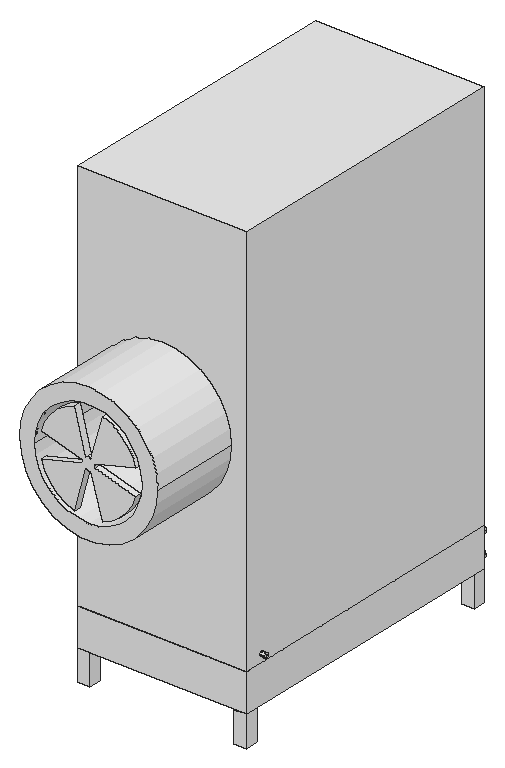
Revit family "MIT SK1015-250 - Cooling Tower ", category Specialty Equipment, Revit 2022
Family settings
  Round Connector Dimension = Use Diameter
  Part Type = Normal
  Work Plane-Based = Yes
  Always vertical = No
  Cut with Voids When Loaded = No
  Maintain Annotation Orientation = No
  Shared = No
  Room Calculation Point = No
Parameters (values of type "MLP 20 - 1.1 kW")
  URL = "https://en.ekinendustriyel.com/cooling-towers"
  Model = "MIT-SK1015 - 250"
  Manufacturer = "Ekin Endüstriyel"
  Keynote = "Cooling Towers"
  Description = "MIT-SK1015 250 - Cooling Towers"
  Default Elevation = 0 mm
Reference planes
  plane 1 "Center (Front/Back)": y = 0
  plane 2: z = 0
  plane 3 "Center (Left/Right)": x = 0
Forms (mm)
  Extrusion 1, solid, material "Ekin Endüstriyel_StainlesSteel", detail levels medium+fine
    sketch origin (0, 0, 0) x (1, 0, 0) y (0, 1, 0)
      loop
        line (-275, 485) -> (-275, -485) -> (275, -485) -> (275, 485) -> (-275, 485)
    from 225 to 1510
  Extrusion 2, solid, material "Ekin Endüstriyel_StainlesSteel", detail levels medium+fine
    sketch origin (0, 0, 0) x (1, 0, 0) y (0, 1, 0)
      loop
        line (-275, 485) -> (-275, -485) -> (275, -485) -> (275, 485) -> (-275, 485)
    from 100 to 225
  Extrusion 3, solid, material "Ekin Endüstriyel_StainlesSteel", detail levels coarse
    sketch origin (0, 0, 0) x (1, 0, 0) y (0, 1, 0)
      loop
        line (-275, 485) -> (-275, -485) -> (275, -485) -> (275, 485) -> (-275, 485)
    from 0 to 1510
  Extrusion 4, solid, material "Ekin Endüstriyel_StainlesSteel", detail levels coarse
    sketch origin (275, -485, 240) x (-1, 0, 0) y (0, 0, -1)
      loop
        circle (275, -627.5) r 225
    from 0 to 300
  Extrusion 5, solid, material "Ekin Endüstriyel_StainlesSteel", detail levels medium+fine
    sketch origin (275, -485, 240) x (-1, 0, 0) y (0, 0, -1)
      loop
        circle (275, -627.5) r 225
      loop
        circle (275, -627.5) r 175
    from 0 to 300
  Extrusion 6, solid, material "Ekin Endüstriyel_StainlesSteel", detail levels medium+fine
    sketch origin (-275, 485, 0) x (1, 0, 0) y (0, 0, -1)
      loop
        circle (275, -1467.961) r 17.145
      loop
        circle (275, -127.039) r 17.145
      loop
        circle (520, -127.039) r 19.05
      loop
        circle (520, -127.039) r 17.05
      loop
        circle (275, -127.039) r 15.145
      loop
        circle (275, -1467.961) r 15.145
      loop
        circle (520, -197.961) r 19.05
      loop
        circle (520, -197.961) r 17.05
    from 0 to 20
  Extrusion 7, solid, material "Ekin Endüstriyel_StainlesSteel", detail levels medium+fine
    sketch origin (275, 635, 0) x (0, -1, 0) y (0, 0, -1)
      loop
        circle (1062.805, -253.187) r 6.35
      loop
        circle (1062.805, -253.187) r 4.35
    from 0 to 20
  Extrusion 8, solid, material "Ekin Endüstriyel_StainlesSteel", detail levels coarse
    sketch origin (275, 635, 0) x (0, -1, 0) y (0, 0, -1)
      loop
        circle (1062.805, -253.187) r 6.35
    from 0 to 20
  Extrusion 9, solid, material "Ekin Endüstriyel_StainlesSteel", detail levels coarse
    sketch origin (-275, 485, 0) x (1, 0, 0) y (0, 0, -1)
      loop
        circle (275, -1467.961) r 17.145
      loop
        circle (275, -127.039) r 17.145
      loop
        circle (520, -127.039) r 19.05
      loop
        circle (520, -197.961) r 19.05
    from 0 to 20
  Extrusion 10, solid, material "Ekin Endüstriyel_StainlesSteel", detail levels medium+fine
    sketch origin (0, 0, 0) x (1, 0, 0) y (0, 1, 0)
      loop
        line (-275, 485) -> (-275, 445) -> (-235, 445) -> (-235, 485) -> (-275, 485)
      loop
        line (-275, -485) -> (-235, -485) -> (-235, -445) -> (-275, -445) -> (-275, -485)
      loop
        line (275, 485) -> (235, 485) -> (235, 445) -> (275, 445) -> (275, 485)
      loop
        line (275, -485) -> (275, -445) -> (235, -445) -> (235, -485) -> (275, -485)
    from 0 to 100
  Extrusion 11, solid, material "Ekin Endüstriyel_StainlesSteel", detail levels fine
    sketch origin (275, -785, 240) x (-1, 0, 0) y (0, 0, -1)
      loop
        arc (429.548, -586.089) -> (389.202, -515.438) -> (319.327, -473.763) r 160
        line (319.327, -473.763) -> (283.04, -609.187)
        arc (283.04, -609.187) -> (290.175, -614.472) -> (294.319, -622.324) r 20
        line (294.319, -622.324) -> (429.548, -586.089)
      loop
        arc (255.681, -622.324) -> (259.825, -614.472) -> (266.96, -609.187) r 20
        line (266.96, -609.187) -> (230.673, -473.763)
        arc (230.673, -473.763) -> (160.798, -515.438) -> (120.452, -586.089) r 160
        line (120.452, -586.089) -> (255.681, -622.324)
      loop
        arc (294.319, -632.676) -> (290.175, -640.528) -> (283.04, -645.813) r 20
        line (283.04, -645.813) -> (319.327, -781.237)
        arc (319.327, -781.237) -> (389.202, -739.562) -> (429.548, -668.911) r 160
        line (429.548, -668.911) -> (294.319, -632.676)
      loop
        line (255.681, -632.676) -> (120.452, -668.911)
        arc (120.452, -668.911) -> (160.798, -739.562) -> (230.673, -781.237) r 160
        line (230.673, -781.237) -> (266.96, -645.813)
        arc (266.96, -645.813) -> (259.825, -640.528) -> (255.681, -632.676) r 20
    from 0 to -20.256
  Extrusion 12, solid, material "Ekin Endüstriyel_StainlesSteel", detail levels fine
    sketch origin (275, -785, 240) x (-1, 0, 0) y (0, 0, -1)
      loop
        circle (275, -627.5) r 20
    from 0 to -300
Cuts and joins
  joined: Extrusion 11, Extrusion 12
Dimensions and locks
  equal spacing: Extrusion 1 sketch curve, plane 3 "Center (Left/Right)", Extrusion 1 sketch curve
  Extrusion 1 sketch curve to plane 3 "Center (Left/Right)" = 275 mm
  equal spacing: Extrusion 1 sketch curve, plane 1 "Center (Front/Back)", Extrusion 1 sketch curve
  plane 1 "Center (Front/Back)" to Extrusion 1 sketch curve = 485 mm
  Extrusion 2 sketch curve to Extrusion 2 sketch curve = 550 mm
  Extrusion 2 sketch curve to Extrusion 2 sketch curve = 970 mm
  Extrusion 3 sketch curve to Extrusion 3 sketch curve = 550 mm
  Extrusion 3 sketch curve to Extrusion 3 sketch curve = 970 mm
  Extrusion 3 to Extrusion 3 = 550 mm
  Extrusion 3 to Extrusion 3 = 970 mm
  aligned and locked: level to plane 2
  aligned and locked: Extrusion 3 to Extrusion 1  (x2)
  aligned and locked: Extrusion 2 to Extrusion 1
  aligned and locked: Extrusion 3 to Extrusion 2
  aligned and locked: Extrusion 4 to Extrusion 5
  aligned and locked: Extrusion 4 to Extrusion 3
  aligned and locked: Extrusion 5 to Extrusion 3
  aligned and locked: Extrusion 10 to Extrusion 2
  aligned and locked: cut or joined group of Extrusion 11, Extrusion 12 to Extrusion 3
Connectors
  piping at (295, -427.805, 253.187), diameter 12.7
    settings: on Extrusion 7, index 1, connector inside diameter 609.6 mm, connector length 0 mm, flow factor 0, pipe flow 0.0 m³/h, pressure drop 0.0 bar, fitting loss kfactor 0, connector angle 0.00°, fixture units 0, engagement length 0 mm, angle of deflection 0.00°, flow configuration 0, flow direction 0, fitting loss method 0, system type 7, joint type 0, gender type 0, connector reference index -1, connector utility 0, adjustable connector no, is connector primary yes, connector description ""
  piping at (245, 505, 127.039), diameter 38.1
    settings: on Extrusion 6, index 2, connector inside diameter 609.6 mm, connector length 0 mm, flow factor 0, pipe flow 0.0 m³/h, pressure drop 0.0 bar, fitting loss kfactor 0, connector angle 0.00°, fixture units 0, engagement length 0 mm, angle of deflection 0.00°, flow configuration 0, flow direction 0, fitting loss method 0, system type 7, joint type 0, gender type 0, connector reference index -1, connector utility 0, adjustable connector no, is connector primary no, connector description ""
  piping at (0, 505, 127.039), diameter 31.8
    settings: on Extrusion 6, index 3, connector inside diameter 609.6 mm, connector length 0 mm, flow factor 0, pipe flow 0.0 m³/h, pressure drop 0.0 bar, fitting loss kfactor 0, connector angle 0.00°, fixture units 0, engagement length 0 mm, angle of deflection 0.00°, flow configuration 0, flow direction 0, fitting loss method 0, system type 7, joint type 0, gender type 0, connector reference index -1, connector utility 0, adjustable connector no, is connector primary no, connector description ""
  piping at (0, 505, 1467.961), diameter 31.8
    settings: on Extrusion 6, index 4, connector inside diameter 609.6 mm, connector length 0 mm, flow factor 0, pipe flow 0.0 m³/h, pressure drop 0.0 bar, fitting loss kfactor 0, connector angle 0.00°, fixture units 0, engagement length 0 mm, angle of deflection 0.00°, flow configuration 0, flow direction 0, fitting loss method 0, system type 7, joint type 0, gender type 0, connector reference index -1, connector utility 0, adjustable connector no, is connector primary no, connector description ""
  piping at (245, 505, 197.961), diameter 38.1
    settings: on Extrusion 6, index 5, connector inside diameter 609.6 mm, connector length 0 mm, flow factor 0, pipe flow 0.0 m³/h, pressure drop 0.0 bar, fitting loss kfactor 0, connector angle 0.00°, fixture units 0, engagement length 0 mm, angle of deflection 0.00°, flow configuration 0, flow direction 0, fitting loss method 0, system type 7, joint type 0, gender type 0, connector reference index -1, connector utility 0, adjustable connector no, is connector primary no, connector description ""
